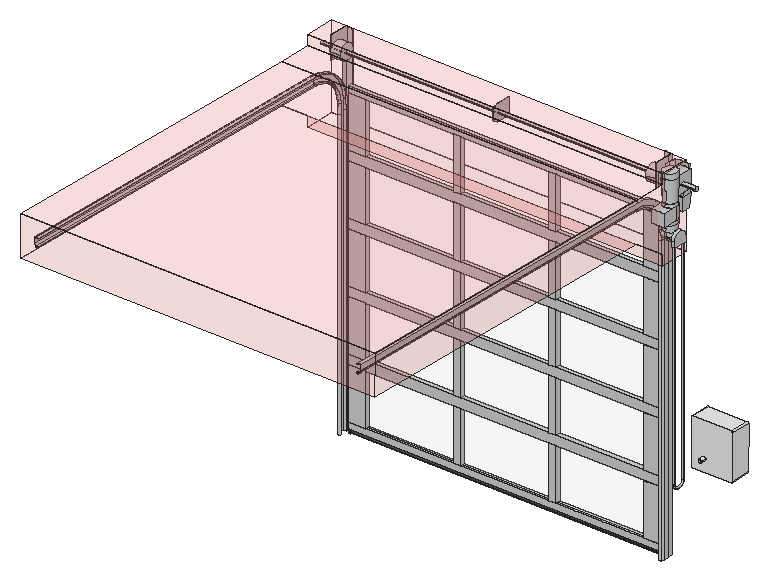
Revit family "EverServe-Aluminum-Glass-Door_OHD_Model-521s_compact", category Specialty Equipment, host Wall, Revit 2023 (continued)
Definition of nested family "Lifts"
  Dimensions and locks (in)
    aligned and locked: Revolve 5 sketch curve to Revolve 5 sketch curve  (x4)
    aligned and locked: Extrusion 6 sketch curve to Extrusion 6 sketch curve  (x2)
    aligned and locked: Extrusion 8 sketch curve to plane 1 "Center (Front/Back)"
    aligned and locked: nested 1 to plane 19 "Shaft"
    aligned and locked: plane 1 "Center (Front/Back)" to nested 1
    aligned and locked: Extrusion 9 sketch curve to plane 1 "Center (Front/Back)"  (x2)
    aligned and locked: plane 10 "Headroom Top" to Extrusion 9
    aligned and locked: Sweep 10 sketch curve to plane 25
    aligned and locked: plane 2 to Sweep 10 sketch curve
    aligned and locked: plane 8 "1-st Track High" to Sweep 10 sketch curve
    aligned and locked: plane 10 "Headroom Top" to Extrusion 11
    aligned and locked: Extrusion 13 to plane 1 "Center (Front/Back)"
    aligned and locked: Revolve 14 sketch curve to Revolve 14 sketch curve
    aligned and locked: plane 12 to Sweep 1 sketch curve
    aligned and locked: plane 35 to Sweep 12 sketch curve
    aligned and locked: level to Sweep 12 sketch curve
    aligned and locked: Masking region 1 sketch curve to Extrusion 13  (x2)
    aligned and locked: plane 36 to Extrusion 13 sketch curve
    aligned and locked: Extrusion 13 sketch curve to plane 37
    aligned and locked: Extrusion 13 sketch curve to plane 38
    aligned and locked: plane 39 to Extrusion 13 sketch curve
    aligned and locked: Masking region 1 sketch curve to plane 17
    aligned and locked: plane 18 to Masking region 1 sketch curve
    aligned and locked: Masking region 1 sketch curve to Extrusion 11  (x12)
    aligned and locked: Masking region 2 sketch curve to cut or joined group of Revolve 5, Extrusion 6  (x12)
    aligned and locked: Masking region 2 sketch curve to Extrusion 8  (x4)
    aligned and locked: Extrusion 7 to Masking region 2 sketch curve
    aligned and locked: cut or joined group of Revolve 5, Extrusion 6 to Masking region 2 sketch curve  (x2)
    aligned and locked: curve 1 to Extrusion 8
    aligned and locked: curve 2 to cut or joined group of Revolve 5, Extrusion 6
    aligned and locked: curve 3 to cut or joined group of Revolve 5, Extrusion 6
    aligned and locked: curve 4 to cut or joined group of Revolve 5, Extrusion 6
    aligned and locked: Masking region 2 sketch curve to Revolve 14  (x2)
    aligned and locked: plane 26 to Sweep 10 sketch curve
    aligned and locked: Sweep 10 sketch curve to plane 41
    aligned and locked: Masking region 3 sketch curve to Extrusion 7  (x4)
    aligned and locked: Masking region 3 sketch curve to Extrusion 15
    aligned and locked: Extrusion 7 to Masking region 3 sketch curve
    aligned and locked: curve 5 to Extrusion 15
    aligned and locked: curve 6 to Extrusion 15
    aligned and locked: Masking region 4 sketch curve to Sweep 10  (x3)
    aligned and locked: Sweep 10 to Masking region 4 sketch curve
    aligned and locked: plane 42 to Masking region 4 sketch curve  (x4)
    aligned and locked: Masking region 5 sketch curve to Masking region 4
    aligned and locked: Masking region 5 sketch curve to Sweep 1  (x2)
    aligned and locked: Sweep 1 to Masking region 5 sketch curve
    aligned and locked: Masking region 5 sketch curve to Sweep 12  (x2)
    aligned and locked: plane 7 to Masking region 5 sketch curve  (x2)
    aligned and locked: Sweep 1 to Masking region 6 sketch curve
    aligned and locked: Masking region 6 sketch curve to Sweep 1  (x4)
    aligned and locked: plane 7 to Masking region 6 sketch curve  (x2)
    aligned and locked: Extrusion 7 to Masking region 6 sketch curve
    aligned and locked: Masking region 6 sketch curve to Extrusion 7
    aligned and locked: Masking region 5 sketch curve to Extrusion 7
    aligned and locked: Extrusion 7 to Masking region 5 sketch curve
    aligned and locked: Masking region 7 sketch curve to Sweep 10  (x4)
    aligned and locked: Sweep 10 to Masking region 7 sketch curve  (x2)
    aligned and locked: Extrusion 16 sketch curve to plane 1 "Center (Front/Back)"
    aligned and locked: Extrusion 16 sketch curve to plane 13
    aligned and locked: plane 18 to Extrusion 16
    aligned and locked: Extrusion 16 to plane 19 "Shaft"
    aligned and locked: plane 10 "Headroom Top" to Extrusion 16 sketch curve
    aligned and locked: plane 10 "Headroom Top" to Extrusion 2
    aligned and locked: plane 1 "Center (Front/Back)" to Extrusion 17 sketch curve
    aligned and locked: Extrusion 17 sketch curve to Extrusion 17 sketch curve
    aligned and locked: Extrusion 16 to Extrusion 18 sketch curve  (x2)
    aligned and locked: Extrusion 17 to Extrusion 16
    aligned and locked: Extrusion 16 to Extrusion 17
    aligned and locked: Extrusion 17 to Extrusion 19 sketch curve  (x2)
    aligned and locked: Extrusion 18 to Extrusion 19 sketch curve  (x2)
    aligned and locked: Extrusion 19 sketch curve to Extrusion 18
    aligned and locked: plane 43 to Extrusion 19 sketch curve
    aligned and locked: Extrusion 19 to Extrusion 3
    aligned and locked: plane 19 "Shaft" to Extrusion 19
    aligned and locked: Extrusion 20 sketch curve to plane 1 "Center (Front/Back)"
    aligned and locked: Extrusion 20 sketch curve to plane 13
    aligned and locked: Extrusion 20 sketch curve to plane 11 "Opening Height"
    aligned and locked: Extrusion 20 to Extrusion 3
    aligned and locked: Extrusion 20 to plane 19 "Shaft"
    aligned and locked: Extrusion 21 sketch curve to cut or joined group of Extrusion 16, Extrusion 20  (x2)
    aligned and locked: Extrusion 22 sketch curve to curve 7
    aligned and locked: Extrusion 21 to Extrusion 22 sketch curve
    aligned and locked: Extrusion 22 sketch curve to Extrusion 21
    aligned and locked: plane 8 "1-st Track High" to Extrusion 22 sketch curve
    aligned and locked: plane 44 to Extrusion 22 sketch curve
    aligned and locked: Extrusion 22 sketch curve to plane 1 "Center (Front/Back)"
    aligned and locked: plane 19 "Shaft" to Extrusion 22
    aligned and locked: plane 18 to Extrusion 22
    aligned and locked: plane 10 "Headroom Top" to Extrusion 23 sketch curve
    aligned and locked: Extrusion 23 sketch curve to plane 1 "Center (Front/Back)"
    aligned and locked: plane 18 to Extrusion 23
    aligned and locked: plane 19 "Shaft" to Extrusion 23
    aligned and locked: Extrusion 22 sketch curve to plane 8 "1-st Track High"
    aligned and locked: plane 8 "1-st Track High" to Extrusion 17 sketch curve
    aligned and locked: Extrusion 23 sketch curve to plane 8 "1-st Track High"
    aligned and locked: plane 8 "1-st Track High" to Extrusion 20 sketch curve
  Automatic sketch dimensions
    Sweep 1 sketch curve to Sweep 1 sketch curve = 0' - 0"  (x4)
    Sweep 1 sketch curve to profile plane = 0' - 0"  (x2)
    Sweep 1 sketch curve to Sweep 1 sketch curve = 0' - 0.1"  (x4)
    Sweep 1 sketch curve to Sweep 1 sketch curve = 0' - 1.81056"  (x2)
    Sweep 1 sketch curve to Sweep 1 sketch curve = 0' - 0.01944"  (x2)
    Sweep 1 sketch curve to Sweep 1 sketch curve = 0' - 0.70598"  (x2)
    Sweep 1 sketch curve to Sweep 1 sketch curve = 0' - 0.20318"  (x4)
    Sweep 1 sketch curve to Sweep 1 sketch curve = 0' - 0.03746"  (x4)
    Sweep 1 sketch curve to Sweep 1 sketch curve = 0' - 0.27461"
    Sweep 1 sketch curve to Sweep 1 sketch curve = 0' - 0.09272"  (x2)
    Sweep 1 sketch curve to Sweep 1 sketch curve = 0' - 0.50287"  (x2)
    Sweep 1 sketch curve to Sweep 1 sketch curve = 0' - 1.5658"
    Extrusion 4 sketch curve to plane 9 "Center Line of Shaft" = 0' - 0"
    Extrusion 4 sketch curve to plane 7 = 0' - 3.28"
    Extrusion 6 sketch curve to plane 22 = 0' - 2 1/8"
    Extrusion 6 sketch curve to plane 7 = 0' - 1.155"
    Extrusion 8 sketch curve to plane 9 "Center Line of Shaft" = 0' - 1.9703"
    plane 7 to Extrusion 9 sketch curve = 0' - 0.185"  (x2)
    Sweep 10 sketch curve to Sweep 10 sketch curve = 0' - 0"  (x4)
    Sweep 10 sketch curve to plane 27 = 0' - 0"  (x2)
    Sweep 10 sketch curve to Sweep 10 sketch curve = 0' - 0.1"  (x3)
    plane 27 to Sweep 10 sketch curve = 0' - 0.1"
    Sweep 10 sketch curve to Sweep 10 sketch curve = 0' - 1.81056"  (x2)
    Sweep 10 sketch curve to Sweep 10 sketch curve = 0' - 0.01944"  (x2)
    Sweep 10 sketch curve to Sweep 10 sketch curve = 0' - 0.70598"  (x2)
    Sweep 10 sketch curve to Sweep 10 sketch curve = 0' - 0.20318"  (x4)
    Sweep 10 sketch curve to Sweep 10 sketch curve = 0' - 0.03746"  (x4)
    Sweep 10 sketch curve to Sweep 10 sketch curve = 0' - 0.27461"
    Sweep 10 sketch curve to Sweep 10 sketch curve = 0' - 0.09272"  (x2)
    Sweep 10 sketch curve to Sweep 10 sketch curve = 0' - 0.50287"  (x2)
    Sweep 10 sketch curve to Sweep 10 sketch curve = 0' - 1.5658"
    Sweep 12 sketch curve to Sweep 12 sketch curve = 0' - 0"  (x4)
    Sweep 12 sketch curve to profile plane = 0' - 0"  (x2)
    profile plane to Sweep 12 sketch curve = 0' - 0.1"  (x2)
    Sweep 12 sketch curve to Sweep 12 sketch curve = 0' - 1.81056"  (x2)
    Sweep 12 sketch curve to Sweep 12 sketch curve = 0' - 0.01944"  (x2)
    Sweep 12 sketch curve to Sweep 12 sketch curve = 0' - 0.70598"  (x2)
    Sweep 12 sketch curve to Sweep 12 sketch curve = 0' - 0.20318"  (x4)
    Sweep 12 sketch curve to Sweep 12 sketch curve = 0' - 0.03746"  (x4)
    Sweep 12 sketch curve to Sweep 12 sketch curve = 0' - 0.1"  (x2)
    Sweep 12 sketch curve to Sweep 12 sketch curve = 0' - 0.27461"
    Sweep 12 sketch curve to Sweep 12 sketch curve = 0' - 0.09272"  (x2)
    Sweep 12 sketch curve to Sweep 12 sketch curve = 0' - 0.50287"  (x2)
    Sweep 12 sketch curve to Sweep 12 sketch curve = 0' - 1.5658"
    Extrusion 13 sketch curve to plane 36 = 0' - 0 1/2"  (x2)
    Extrusion 13 sketch curve to plane 37 = 0' - 0 1/2"  (x2)
    Revolve 14 sketch curve to Revolve 14 sketch curve = 0' - 0.6"
    Revolve 14 sketch curve to Revolve 14 sketch curve = 0' - 0 3/4"
    Revolve 14 sketch curve to plane 13 = 0' - 2.92964"
    Revolve 14 sketch curve to plane 7 = 0' - 1.63036"
    Masking region 4 sketch curve to Masking region 4 sketch curve = 0' - 0.241"  (x2)
    plane 42 to Masking region 4 sketch curve = 0' - 0.91754"  (x2)
    Masking region 4 sketch curve to Masking region 4 sketch curve = 0' - 0.61"  (x2)
    Masking region 4 sketch curve to Masking region 4 sketch curve = 0' - 0.04678"  (x2)
    Masking region 4 sketch curve to Masking region 4 sketch curve = 0' - 0.23814"  (x2)
    plane 1 "Center (Front/Back)" to Extrusion 2 sketch curve = 0' - 0"  (x2)
    plane 7 to Extrusion 2 sketch curve = 0' - 0.185"  (x2)
    Revolve 5 sketch curve to plane 18 = 0' - 0"
    Revolve 5 sketch curve to Revolve 5 sketch curve = 0' - 1.632"
    plane 31 "Box" to Revolve 5 sketch curve = 0' - 2.311"
    plane 1 "Center (Front/Back)" to Extrusion 11 sketch curve = 0' - 0"  (x2)
    plane 7 to Extrusion 11 sketch curve = 0' - 0.185"  (x2)
    plane 31 "Box" to Masking region 2 sketch curve = 0' - 4.11"
    Masking region 2 sketch curve to Masking region 2 sketch curve = 0' - 0.15"
    Masking region 2 sketch curve to Masking region 2 sketch curve = 0' - 1.2"
    Masking region 2 sketch curve to Masking region 2 sketch curve = 0' - 1 1/2"
    Masking region 2 sketch curve to Masking region 2 sketch curve = 0' - 0.56"  (x2)
    plane 3 "Center (Left/Right)" to Masking region 2 sketch curve = 0' - 0.166"
    Masking region 2 sketch curve to Masking region 2 sketch curve = 0' - 0"
    Masking region 2 sketch curve to Masking region 2 sketch curve = 0' - 0.493"  (x6)
    Masking region 2 sketch curve to Masking region 2 sketch curve = 0' - 0.40906"
    plane 1 "Center (Front/Back)" to curve 1 = 0' - 0"
    curve 6 to plane 1 "Center (Front/Back)" = 0' - 0.08"
    curve 5 to plane 1 "Center (Front/Back)" = 0' - 0.08"
    curve 2 to plane 7 = 0' - 1.155"
    curve 3 to plane 7 = 0' - 1.155"
    curve 4 to plane 7 = 0' - 1.155"
    curve 2 to curve 2 = 0' - 3.757"
    curve 4 to curve 4 = 0' - 4 1/4"
    curve 3 to curve 3 = 0' - 4 1/4"
    curve 2 to curve 1 = 0' - 0.898"
    curve 3 to curve 6 = 0' - 1.485"
    curve 4 to curve 5 = 0' - 1.485"
    Masking region 3 sketch curve to plane 1 "Center (Front/Back)" = 0' - 0.08"  (x2)
    Masking region 3 sketch curve to plane 7 = 0' - 0.28"  (x2)
    Masking region 3 sketch curve to Masking region 3 sketch curve = 0' - 6"  (x2)
    Masking region 3 sketch curve to Masking region 3 sketch curve = 0' - 0.61"  (x2)
    Masking region 6 sketch curve to Masking region 6 sketch curve = 0' - 1.5658"
    Masking region 6 sketch curve to Masking region 6 sketch curve = 0' - 0.241"  (x2)
    Masking region 6 sketch curve to Masking region 6 sketch curve = 0' - 5.9996"  (x2)
    Masking region 6 sketch curve to Masking region 6 sketch curve = 0' - 0.61"  (x2)
    Masking region 5 sketch curve to Masking region 5 sketch curve = 0' - 0.241"  (x2)
    Masking region 5 sketch curve to Masking region 5 sketch curve = 0' - 6.00003"  (x2)
    Masking region 5 sketch curve to Masking region 5 sketch curve = 0' - 0.61"  (x2)
    Masking region 4 sketch curve to plane 7 = 0' - 6.28"  (x2)
    Masking region 4 sketch curve to Masking region 4 sketch curve = 0' - 0.37461"  (x2)
    Masking region 7 sketch curve to Masking region 7 sketch curve = 0' - 0.03949"  (x2)
    Masking region 7 sketch curve to Masking region 7 sketch curve = 0' - 0.32784"
    Masking region 7 sketch curve to Masking region 7 sketch curve = 0' - 0.19914"  (x2)
    Masking region 7 sketch curve to plane 13 = 0' - 0.40221"  (x4)
    Masking region 7 sketch curve to plane 13 = 0' - 1.29331"
    Masking region 7 sketch curve to Masking region 7 sketch curve = 0' - 0.36733"
    Masking region 7 sketch curve to Masking region 7 sketch curve = 0' - 0.8911"
    curve 7 to curve 7 = 1' - 3.25891"
    Extrusion 17 sketch curve to plane 10 "Headroom Top" = 0' - 0"
    plane 9 "Center Line of Shaft" to Extrusion 17 sketch curve = 0' - 1.51024"
    Sweep 12 sketch curve to plane 7 = 0' - 0"
    plane 11 "Opening Height" to Extrusion 16 sketch curve = 0' - 0"
  Nested families (in)
    nested 1: "General Motor" at (-69.311, 0, 144.63), type "Family2"
      with Vertical no, Opening Height 10' - 0", Chain Length 6' - 10.88", Amount of Panels 5
  Definition of nested family "General Motor"
    Parameters (values of type "Family2")
      Vertical = yes
      Shaft Material = none
      Opening Height = 3' - 0 1/2"
      Finish Material = none
      Default Elevation = 4' - 0"
      Chain Length = if(Vertical, Opening Height + (Amount of Panels - 1) * 1' 3", (Amount of Panels - 1) * 1' 8.72")  # 4' - 3 1/2"
      Amount of Panels = 2
    Reference planes (in)
      plane 1 "Center (Front/Back)": y = 0
      plane 2: z = 0
      plane 3 "Center (Left/Right)": x = 0
      plane 4: z = 5.335
      plane 5: z = -18.546
      plane 6: z = -17.165
      plane 7: z = -19.311
      plane 8: z = -70.811
    Forms (in)
      Extrusion 1, solid, material <- "Shaft Material"
        sketch origin (8.311, 0, -153.29) x (0, -1, 0) y (0, 0, 1)
          loop
            circle (-4.72, 153.29) r 3
        from -1.46 to 2.29
      Revolve 2, solid, material <- "Shaft Material"
        sketch origin (0, 0, -153.29) x (0, 0, -1) y (0, -1, 0)
          loop
            line (-158.625, -8.066) -> (-134.744, -8.066) -> (-134.744, -6.99312) -> (-136.091, -6.365) -> (-138.289, -6.365) -> (-138.289, -5.714) -> (-140.769, -5.586) -> (-142.108, -5.519) -> (-146.951, -5.519) -> (-148.093, -5.704) -> (-148.349, -5.704) -> (-156.66, -5.468) -> (-158.625, -5.468) -> (-158.625, -8.066)
          axis (-134.744, -8.066) -> (-158.625, -8.066)
        angle from 0 to 360
      Extrusion 3, solid, material <- "Shaft Material"
        sketch origin (0, 0, -153.29) x (0, 0, -1) y (0, -1, 0)
          loop
            line (-142.108, -13.875) -> (-142.108, -7.875) -> (-146.951, -7.875) -> (-146.951, -13.875) -> (-142.108, -13.875)
        from -2.5 to 2.5
      Extrusion 4, solid, material <- "Finish Material"
        sketch origin (51.311, 0, 0) x (-1, 0, 0) y (0, -1, 0)
          loop
            line (45.582, -1.755) -> (45.582, -3.496) -> (45.832, -3.496) -> (45.832, -1.82199) -> (46.73959, -0.25) -> (52.45925, -0.25) -> (52.45925, 0) -> (46.59525, 0) -> (45.582, -1.755)
        from -4.56 to 4.56
      Extrusion 5, void
        sketch origin (51.311, 0, -153.29) x (1, 0, 0) y (0, 0, 1)
          loop
            line (-48.772, 148.73) -> (-52.45925, 148.73) -> (-52.45925, 149.98) -> (-50.72525, 149.98) -> (-50.72525, 156.6) -> (-52.45925, 156.6) -> (-52.45925, 157.85) -> (-48.772, 157.85) -> (-45.582, 157.0155) -> (-45.582, 159.2655) -> (-55.082, 159.2655) -> (-55.082, 147.3145) -> (-45.582, 147.3145) -> (-45.582, 149.5645) -> (-48.772, 148.73)
        from -5 to 5
      Extrusion 6, solid, material <- "Shaft Material"
        sketch origin (0, 0, -153.29) x (0, 0, -1) y (0, -1, 0)
          loop
            line (-143.525, -4.641) -> (-143.525, -1.441) -> (-148.515, -1.18157) -> (-148.84, -1.18157) -> (-148.84, -1.57157) -> (-150.11271, -1.57157) -> (-150.11271, -4.51043) -> (-148.84, -4.51043) -> (-148.84, -4.90043) -> (-148.515, -4.90043) -> (-143.525, -4.641)
        from -2.5 to 2.5
      Extrusion 7, void
        sketch origin (51.311, 0, -153.29) x (1, 0, 0) y (0, 0, 1)
          loop
            line (-48.811, 148.515) -> (-49.24757, 143.525) -> (-53.37443, 143.525) -> (-53.811, 148.515) -> (-55.811, 148.515) -> (-55.811, 142.515) -> (-46.811, 142.515) -> (-46.811, 148.515) -> (-48.811, 148.515)
        from -4.90043 to -1.18157
      Extrusion 8, solid, material <- "Shaft Material"
        sketch origin (0, 0, -153.29) x (0, 0, -1) y (0, -1, 0)
          loop
            line (-149.944, -0.626) -> (-156.636, -0.626) -> (-156.636, -9.445) -> (-149.944, -9.445) -> (-149.944, -0.626)
        from -1.97 to 1.97
      Extrusion 9, solid, material <- "Shaft Material"
        sketch origin (0, 0, -153.29) x (0, 0, -1) y (0, -1, 0)
          loop
            line (-133.979, -10.6) -> (-133.979, -5.4) -> (-136.125, -5.4)
            arc (-136.125, -5.4) -> (-138.725, -8) -> (-136.125, -10.6) r 2.6
            line (-136.125, -10.6) -> (-133.979, -10.6)
        from 2.565 to 3.79891
      Extrusion 10, solid, material <- "Shaft Material"
        sketch origin (0, 0, -153.29) x (0, 0, -1) y (0, -1, 0)
          loop
            circle (-136.09491, -8.066) r 1.34
        from -2.57 to 2.565
      Sweep 11, solid, material <- "Shaft Material"
        path origin (0, 0, -153.29) x (0, 0, -1) y (0, -1, 0)
          loop
            line (-133.979, -10.4375) -> (-82.479, -10.4375)
            arc (-82.479, -10.4375) -> (-80.0415, -8) -> (-82.479, -5.5625) r 2.4375
            line (-82.479, -5.5625) -> (-133.979, -5.5625)
        profile origin (0, 10.4375, -45.061) x (-1, 0, 0) y (0, -1, 0)
          loop
            circle (3.18196, 0.2675) r 0.2675
    Cuts and joins
      Extrusion 5 cuts Extrusion 4
      Extrusion 7 cuts Extrusion 6
    Lines and regions (in)
      Masking region 1
        outline origin (0, 0, 0) x (1, 0, 0) y (0, 1, 0)
          loop
            line (-3.79891, 10.6) -> (-3.79891, 5.4) -> (-2.565, 5.4) -> (-2.565, 6.726) -> (-2.22576, 6.726)
            arc (-2.22576, 6.726) -> (-2.10532, 6.54376) -> (-1.97, 6.37228) r 2.598
            line (-1.97, 6.37228) -> (-1.97, 4.90043) -> (-2.5, 4.90043) -> (-2.5, 1.18157) -> (-1.97, 1.18157) -> (-1.97, 0.626) -> (1.97, 0.626) -> (1.97, 1.18157) -> (2.5, 1.18157) -> (2.5, 4.90043) -> (1.97, 4.90043) -> (1.97, 6.37228)
            arc (1.97, 6.37228) -> (2.10532, 6.54376) -> (2.22576, 6.726) r 2.598
            line (2.22576, 6.726) -> (2.57, 6.726) -> (2.57, 7.6856)
            arc (2.57, 7.6856) -> (2.598, 8.066) -> (2.57, 8.4464) r 2.598
            line (2.57, 8.4464) -> (2.57, 9.406) -> (2.5, 9.406) -> (2.5, 13.875) -> (-2.5, 13.875) -> (-2.5, 9.406) -> (-2.565, 9.406) -> (-2.565, 10.6) -> (-3.79891, 10.6)
          loop
            line (5.479, 3.496) -> (5.479, 1.82199) -> (4.57141, 0.25) -> (-1.14825, 0.25) -> (-1.14825, 0) -> (4.71575, 0) -> (5.729, 1.755) -> (5.729, 3.496) -> (5.479, 3.496)
      Masking region 2
        outline origin (0, 0, 0) x (1, 0, 0) y (0, 1, 0)
          loop
            circle (0, 8.066) r 2.598
          loop
            line (-2.5, 4.90043) -> (-2.5, 4.51043) -> (-1.97, 4.51043) -> (-1.97, 4.90043) -> (-2.5, 4.90043)
          loop
            line (-2.5, 1.57157) -> (-2.5, 1.18157) -> (-1.97, 1.18157) -> (-1.97, 1.57157) -> (-2.5, 1.57157)
          loop
            line (1.97, 1.57157) -> (1.97, 1.18157) -> (2.5, 1.18157) -> (2.5, 1.57157) -> (1.97, 1.57157)
          loop
            line (1.97, 4.90043) -> (1.97, 4.51043) -> (2.5, 4.51043) -> (2.5, 4.90043) -> (1.97, 4.90043)
      symbolic lines
        curve 1: line (-1.97, 6.37228, 0) -> (-1.97, 0.626, 0)
        curve 2: line (1.97, 6.37228, 0) -> (1.97, 0.626, 0)
        curve 3: line (2.5, 13.875, 0) -> (2.5, 8.77283, 0)
        curve 4: line (-2.565, 10.6, 0) -> (-2.565, 5.4, 0)
        curve 5: line (-2.5, 13.875, 0) -> (-2.5, 8.77283, 0)
    Dimensions and locks (in)
      locked: plane 4 to plane 5 at 23.881
      locked: Extrusion 8 sketch curve to Extrusion 8 sketch curve at 8.819
      locked: Extrusion 9 sketch curve to plane 6 at 2.146
      "Chain Length": plane 7 to plane 8
      locked: Extrusion 1 sketch curve to Extrusion 1 sketch curve (radius 0' - 3")
      aligned and locked: plane 2 to level
      aligned and locked: Revolve 2 sketch curve to plane 4
      aligned and locked: plane 5 to Revolve 2 sketch curve
      aligned and locked: plane 4 to Revolve 2 sketch curve
      aligned and locked: Revolve 2 sketch curve to Revolve 2 sketch curve
      aligned and locked: plane 7 to Sweep 11 sketch curve  (x2)
      aligned and locked: plane 8 to Sweep 11 sketch curve  (x2)
    Automatic sketch dimensions
      Extrusion 1 sketch curve to level = 0' - 0"
      Extrusion 1 sketch curve to plane 1 "Center (Front/Back)" = 0' - 4.72"
      Revolve 2 sketch curve to plane 5 = 0' - 0"
      Revolve 2 sketch curve to plane 4 = 0' - 1.965"
      Revolve 2 sketch curve to level = 0' - 4.941"
      Revolve 2 sketch curve to Revolve 2 sketch curve = 0' - 0.256"
      Revolve 2 sketch curve to Revolve 2 sketch curve = 0' - 1.142"
      Revolve 2 sketch curve to Revolve 2 sketch curve = 0' - 4.843"
      Revolve 2 sketch curve to Revolve 2 sketch curve = 0' - 1.339"
      Revolve 2 sketch curve to Revolve 2 sketch curve = 0' - 2.48"
      plane 5 to Revolve 2 sketch curve = 0' - 1.347"
      Revolve 2 sketch curve to plane 1 "Center (Front/Back)" = 0' - 8.066"
      Revolve 2 sketch curve to Revolve 2 sketch curve = 0' - 1.07288"
      Revolve 2 sketch curve to Revolve 2 sketch curve = 0' - 0.62812"
      Revolve 2 sketch curve to Revolve 2 sketch curve = 0' - 0.651"
      Revolve 2 sketch curve to plane 1 "Center (Front/Back)" = 0' - 5.704"
      Revolve 2 sketch curve to Revolve 2 sketch curve = 0' - 0.128"
      Revolve 2 sketch curve to Revolve 2 sketch curve = 0' - 0.067"
      Revolve 2 sketch curve to Revolve 2 sketch curve = 0' - 2.598"
      Extrusion 3 sketch curve to level = 0' - 6.339"
      Extrusion 3 sketch curve to Extrusion 3 sketch curve = 0' - 4.843"
      Extrusion 3 sketch curve to plane 1 "Center (Front/Back)" = 1' - 1 7/8"
      Extrusion 3 sketch curve to Extrusion 3 sketch curve = 0' - 6"
      plane 1 "Center (Front/Back)" to Extrusion 4 sketch curve = 0' - 0"
      Extrusion 4 sketch curve to plane 1 "Center (Front/Back)" = 0' - 1.755"
      plane 3 "Center (Left/Right)" to Extrusion 4 sketch curve = 0' - 5.729"
      Extrusion 4 sketch curve to Extrusion 4 sketch curve = 0' - 0 1/4"  (x2)
      Extrusion 4 sketch curve to Extrusion 4 sketch curve = 0' - 0.76325"
      Extrusion 4 sketch curve to Extrusion 4 sketch curve = 0' - 0.14434"
      Extrusion 4 sketch curve to plane 3 "Center (Left/Right)" = 0' - 1.14825"
      Extrusion 4 sketch curve to Extrusion 4 sketch curve = 0' - 0.06699"
      Extrusion 4 sketch curve to Extrusion 4 sketch curve = 0' - 1.67401"
      Extrusion 5 sketch curve to plane 3 "Center (Left/Right)" = 0' - 3.771"
      Extrusion 5 sketch curve to plane 3 "Center (Left/Right)" = 0' - 1.14825"  (x2)
      plane 3 "Center (Left/Right)" to Extrusion 5 sketch curve = 0' - 0.58575"
      Extrusion 5 sketch curve to Extrusion 5 sketch curve = 0' - 1.95325"  (x2)
      Extrusion 5 sketch curve to Extrusion 5 sketch curve = 0' - 3.19"  (x2)
      Extrusion 5 sketch curve to level = 0' - 5.9755"
      Extrusion 5 sketch curve to Extrusion 5 sketch curve = 0' - 1.4155"
      Extrusion 5 sketch curve to Extrusion 5 sketch curve = 0' - 2 1/4"  (x2)
      Extrusion 5 sketch curve to Extrusion 5 sketch curve = 0' - 1 1/4"  (x2)
      level to Extrusion 5 sketch curve = 0' - 3.31"
      level to Extrusion 5 sketch curve = 0' - 3.7255"
      Extrusion 6 sketch curve to level = 0' - 3.17729"
      Extrusion 6 sketch curve to Extrusion 6 sketch curve = 0' - 1.27271"  (x2)
      Extrusion 6 sketch curve to plane 1 "Center (Front/Back)" = 0' - 1.18157"
      Extrusion 6 sketch curve to Extrusion 6 sketch curve = 0' - 0.325"  (x2)
      Extrusion 6 sketch curve to plane 1 "Center (Front/Back)" = 0' - 1.441"
      Extrusion 6 sketch curve to Extrusion 6 sketch curve = 0' - 4.99"
      Extrusion 6 sketch curve to Extrusion 6 sketch curve = 0' - 0.39"  (x2)
      Extrusion 6 sketch curve to Extrusion 6 sketch curve = 0' - 2.93885"
      Extrusion 6 sketch curve to Extrusion 6 sketch curve = 0' - 3.2"
      Extrusion 7 sketch curve to plane 3 "Center (Left/Right)" = 0' - 4 1/2"
      Extrusion 7 sketch curve to Extrusion 7 sketch curve = 0' - 2"
      Extrusion 7 sketch curve to plane 3 "Center (Left/Right)" = 0' - 2.06343"
      plane 3 "Center (Left/Right)" to Extrusion 7 sketch curve = 0' - 2.06343"
      plane 3 "Center (Left/Right)" to Extrusion 7 sketch curve = 0' - 2 1/2"
      Extrusion 7 sketch curve to Extrusion 7 sketch curve = 0' - 2.43657"
      Extrusion 7 sketch curve to level = 0' - 10.775"
      Extrusion 7 sketch curve to Extrusion 7 sketch curve = 0' - 1.01"
      Extrusion 7 sketch curve to level = 0' - 4.775"  (x2)
      Extrusion 8 sketch curve to plane 1 "Center (Front/Back)" = 0' - 0.626"
      level to Extrusion 8 sketch curve = 0' - 3.346"
      Extrusion 8 sketch curve to level = 0' - 3.346"
      Extrusion 9 sketch curve to plane 6 = 0' - 0"
      Extrusion 9 sketch curve to plane 1 "Center (Front/Back)" = 0' - 10.6"
      Extrusion 9 sketch curve to Extrusion 9 sketch curve = 0' - 2.6"
      Extrusion 10 sketch curve to plane 1 "Center (Front/Back)" = 0' - 8.066"
      Extrusion 10 sketch curve to level = 1' - 5.19509"
      Sweep 11 sketch curve to profile plane = 0' - 0.2675"
      profile plane to Sweep 11 sketch curve = 0' - 3.18196"
      Masking region 1 sketch curve to Masking region 1 sketch curve = 0' - 0"  (x4)
      plane 1 "Center (Front/Back)" to Masking region 1 sketch curve = 0' - 0"
      Masking region 1 sketch curve to plane 3 "Center (Left/Right)" = 0' - 0"
      Masking region 1 sketch curve to plane 3 "Center (Left/Right)" = 0' - 1.14825"
      Masking region 1 sketch curve to Masking region 1 sketch curve = 0' - 0.82175"
      Masking region 1 sketch curve to plane 3 "Center (Left/Right)" = 0' - 1.97"
      Masking region 1 sketch curve to Masking region 1 sketch curve = 0' - 0.25576"  (x2)
      Masking region 1 sketch curve to plane 3 "Center (Left/Right)" = 0' - 2 1/2"
      Masking region 1 sketch curve to Masking region 1 sketch curve = 0' - 0.53"  (x2)
      Masking region 1 sketch curve to Masking region 1 sketch curve = 0' - 0.065"  (x2)
      Masking region 1 sketch curve to Masking region 1 sketch curve = 0' - 1.23391"
      plane 3 "Center (Left/Right)" to Masking region 1 sketch curve = 0' - 1.97"
      Masking region 1 sketch curve to Masking region 1 sketch curve = 0' - 0.34424"  (x2)
      Masking region 1 sketch curve to plane 1 "Center (Front/Back)" = 0' - 0 1/4"
      Masking region 1 sketch curve to Masking region 1 sketch curve = 0' - 2.07141"
      Masking region 1 sketch curve to Masking region 1 sketch curve = 0' - 0.14434"
      Masking region 1 sketch curve to plane 1 "Center (Front/Back)" = 0' - 1.82199"
      Masking region 1 sketch curve to Masking region 1 sketch curve = 0' - 0.90759"
      Masking region 1 sketch curve to Masking region 1 sketch curve = 0' - 0 1/4"
      Masking region 1 sketch curve to plane 1 "Center (Front/Back)" = 0' - 0.626"
      Masking region 1 sketch curve to Masking region 1 sketch curve = 0' - 0.55557"  (x2)
      Masking region 1 sketch curve to Masking region 1 sketch curve = 0' - 0.06699"
      Masking region 1 sketch curve to Masking region 1 sketch curve = 0' - 1.67401"
      Masking region 1 sketch curve to Masking region 1 sketch curve = 0' - 3.71885"  (x2)
      Masking region 1 sketch curve to Masking region 1 sketch curve = 0' - 0.49957"
      Masking region 1 sketch curve to Masking region 1 sketch curve = 0' - 0.97228"
      Masking region 1 sketch curve to Masking region 1 sketch curve = 0' - 1.47185"
      Masking region 1 sketch curve to Masking region 1 sketch curve = 0' - 0.35372"
      Masking region 1 sketch curve to Masking region 1 sketch curve = 0' - 0.9596"  (x2)
      Masking region 1 sketch curve to Masking region 1 sketch curve = 0' - 2.68"
      Masking region 1 sketch curve to Masking region 1 sketch curve = 0' - 1.194"
      Masking region 1 sketch curve to Masking region 1 sketch curve = 0' - 3.275"
      Masking region 1 sketch curve to Masking region 1 sketch curve = 0' - 0.07"
      Masking region 1 sketch curve to Masking region 1 sketch curve = 0' - 1.7204"
      Masking region 2 sketch curve to plane 3 "Center (Left/Right)" = 0' - 0"
      Masking region 2 sketch curve to plane 3 "Center (Left/Right)" = 0' - 1.97"  (x2)
      Masking region 2 sketch curve to Masking region 2 sketch curve = 0' - 0.53"  (x4)
      plane 3 "Center (Left/Right)" to Masking region 2 sketch curve = 0' - 1.97"  (x2)
      Masking region 2 sketch curve to plane 1 "Center (Front/Back)" = 0' - 1.18157"  (x2)
      Masking region 2 sketch curve to Masking region 2 sketch curve = 0' - 0.39"  (x4)
      Masking region 2 sketch curve to Masking region 2 sketch curve = 0' - 2.93885"  (x2)
      Masking region 2 sketch curve to Masking region 2 sketch curve = 0' - 3.16557"
      curve 4 to plane 3 "Center (Left/Right)" = 0' - 2.565"
      curve 1 to plane 1 "Center (Front/Back)" = 0' - 0.626"
      curve 5 to plane 3 "Center (Left/Right)" = 0' - 2 1/2"
      curve 1 to plane 3 "Center (Left/Right)" = 0' - 1.97"
      curve 2 to plane 1 "Center (Front/Back)" = 0' - 0.626"
      plane 3 "Center (Left/Right)" to curve 2 = 0' - 1.97"
      curve 2 to curve 3 = 0' - 0.53"
      curve 1 to curve 4 = 0' - 4.774"
      curve 4 to curve 2 = 0' - 0.97228"
      curve 4 to curve 1 = 0' - 0.97228"
      curve 2 to curve 3 = 0' - 2.40055"
      curve 1 to curve 5 = 0' - 2.40055"
      curve 5 to curve 4 = 0' - 1.82717"
      curve 4 to curve 5 = 0' - 3.275"
      curve 5 to curve 3 = 0' - 0"
      Sweep 11 sketch curve to plane 1 "Center (Front/Back)" = 0' - 10 7/16"
      Sweep 11 sketch curve to Sweep 11 sketch curve = 0' - 2 7/16"
      radius of Extrusion 10 sketch curve = 0' - 1.34"
      radius of Sweep 11 sketch curve = 0' - 0.2675"
      radius of Masking region 2 sketch curve = 0' - 2.598"
Definition of nested family "Center Line"
  Parameters (values of type "CL")
    Thickness = 0' - 1 3/4"
    Panel Height = 1' - 7.525"
    Finish Material = none
    CL Width = 0' - 2 177/256"
    Default Elevation = 4' - 0"
    Array Length = 9' - 4 1/2"
    Array Up and Down = 5
  Reference planes (in)
    plane 1 "Center (Front/Back)": y = 0
    plane 2: z = 0
    plane 3 "Center (Left/Right)": x = 0
    plane 4: x = 112.5
    plane 5: y = -2.69141
  Forms (in)
    Extrusion 1, solid, material <- "Finish Material"
      sketch origin (8.525, 8.30859, 0) x (1, 0, 0) y (0, 1, 0)
        loop
          line (-8.525, -8.30859) -> (-8.525, -11) -> (11, -11) -> (11, -8.30859) -> (-8.525, -8.30859)
      from 0 to 1.75 <- "Thickness"
    Extrusion 2, solid, material <- "Finish Material"
      sketch origin (101.5, 8.30859, 0) x (1, 0, 0) y (0, 1, 0)
        loop
          line (-8.525, -8.30859) -> (-8.525, -11) -> (11, -11) -> (11, -8.30859) -> (-8.525, -8.30859)
      from 0 to 1.75 <- "Thickness"
    Extrusion 3, solid, material <- "Finish Material"
      sketch origin (31.76875, 8.30859, 0) x (1, 0, 0) y (0, 1, 0)
        loop
          line (-8.525, -8.30859) -> (-8.525, -11) -> (11, -11) -> (11, -8.30859) -> (-8.525, -8.30859)
      from 0 to 1.75 <- "Thickness"
    Extrusion 4, solid, material <- "Finish Material"
      sketch origin (55.0125, 8.30859, 0) x (1, 0, 0) y (0, 1, 0)
        loop
          line (-8.525, -8.30859) -> (-8.525, -11) -> (11, -11) -> (11, -8.30859) -> (-8.525, -8.30859)
      from 0 to 1.75 <- "Thickness"
    Extrusion 5, solid, material <- "Finish Material"
      sketch origin (78.25625, 8.30859, 0) x (1, 0, 0) y (0, 1, 0)
        loop
          line (-8.525, -8.30859) -> (-8.525, -11) -> (11, -11) -> (11, -8.30859) -> (-8.525, -8.30859)
      from 0 to 1.75 <- "Thickness"
  Dimensions and locks (in)
    "Array Length": plane 4 to plane 3 "Center (Left/Right)"
    "CL Width": Extrusion 1 sketch curve to Extrusion 1 sketch curve
    "Panel Height": Extrusion 1 sketch curve to Extrusion 1 sketch curve
    "CL Width": Extrusion 2 sketch curve to Extrusion 2 sketch curve
    "Panel Height": Extrusion 2 sketch curve to Extrusion 2 sketch curve
    equal spacing: group 1, group 3, group 4, group 5, group 2  (x3)
    "CL Width": plane 5 to plane 1 "Center (Front/Back)"
    "CL Width": Extrusion 3 sketch curve to Extrusion 3 sketch curve
    "Panel Height": Extrusion 3 sketch curve to Extrusion 3 sketch curve
    "CL Width": Extrusion 4 sketch curve to Extrusion 4 sketch curve
    "Panel Height": Extrusion 4 sketch curve to Extrusion 4 sketch curve
    "CL Width": Extrusion 5 sketch curve to Extrusion 5 sketch curve
    "Panel Height": Extrusion 5 sketch curve to Extrusion 5 sketch curve
    aligned and locked: plane 2 to level
    aligned and locked: Extrusion 1 to plane 3 "Center (Left/Right)"  (x2)
    aligned and locked: Extrusion 1 to plane 1 "Center (Front/Back)"  (x2)
    aligned and locked: Extrusion 2 to plane 1 "Center (Front/Back)"  (x2)
    aligned and locked: Extrusion 2 to plane 4
Types (6): name | Voltage | Number of Poles | Current | Apparent Load
  208 volts, single phase, 60 Hz (190-207V range) | 208 V | 1 | 20 A | 4160 VA
  208 volts, three phase, 60 Hz (190-207V range) | 208 V | 3 | 20 A | 7205.33 VA
  230 volts, single phase, 60 Hz (208-245V range) | 230 V | 1 | 20 A | 4600 VA
  230 volts, three phase, 60 Hz (208-245V range) | 230 V | 3 | 20 A | 7967.43 VA
  460 volts, three phase, 60 Hz (456-495V range) | 460 V | 3 | 15 A | 11951.2 VA
  575 volts, three phase, 60 Hz (517-632V range) | 575 V | 3 | 15 A | 14938.9 VA
